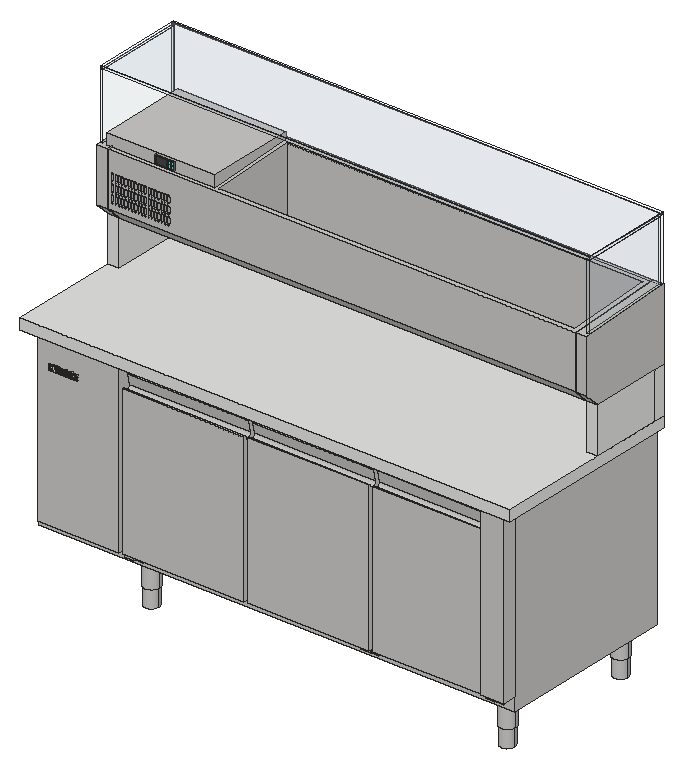
Revit family "QF_ELECTROLUXPROFESSIONAL_725190_RCSH3D", category Specialty Equipment, Revit 2023 (continued)
Definition of nested family "ELX_REF_PZ"
  Automatic sketch dimensions
    Split face 102 sketch curve to Extrusion 2 = 85.544 mm
    Split face 102 sketch curve to Split face 102 sketch curve = 42 mm
    Split face 102 sketch curve to Split face 102 sketch curve = 4 mm
    Split face 103 sketch curve to Extrusion 2 = 56.174 mm
    Split face 103 sketch curve to Extrusion 2 = 98.456 mm
    Split face 103 sketch curve to Split face 103 sketch curve = 42 mm
    Split face 103 sketch curve to Split face 103 sketch curve = 4 mm
    Split face 104 sketch curve to Extrusion 2 = 56.174 mm
    Split face 104 sketch curve to Extrusion 2 = 140.544 mm
    Split face 104 sketch curve to Split face 104 sketch curve = 42 mm
    Split face 104 sketch curve to Split face 104 sketch curve = 4 mm
    Split face 105 sketch curve to Extrusion 2 = 43.456 mm
    Split face 105 sketch curve to Split face 105 sketch curve = 42 mm
    Split face 105 sketch curve to Extrusion 2 = 36.174 mm
    Split face 105 sketch curve to Split face 105 sketch curve = 4 mm
    Split face 106 sketch curve to Extrusion 2 = 44.174 mm
    Split face 106 sketch curve to Extrusion 2 = 85.544 mm
    Split face 106 sketch curve to Split face 106 sketch curve = 42 mm
    Split face 106 sketch curve to Split face 106 sketch curve = 4 mm
    Split face 107 sketch curve to Extrusion 2 = 44.174 mm
    Split face 107 sketch curve to Extrusion 2 = 98.456 mm
    Split face 107 sketch curve to Split face 107 sketch curve = 42 mm
    Split face 107 sketch curve to Split face 107 sketch curve = 4 mm
    Split face 108 sketch curve to Extrusion 2 = 44.174 mm
    Split face 108 sketch curve to Extrusion 2 = 140.544 mm
    Split face 108 sketch curve to Split face 108 sketch curve = 42 mm
    Split face 108 sketch curve to Split face 108 sketch curve = 4 mm
    Split face 109 sketch curve to Extrusion 2 = 43.456 mm
    Split face 109 sketch curve to Split face 109 sketch curve = 42 mm
    Split face 109 sketch curve to Extrusion 2 = 24.174 mm
    Split face 109 sketch curve to Split face 109 sketch curve = 4 mm
    Split face 110 sketch curve to Extrusion 2 = 32.174 mm
    Split face 110 sketch curve to Extrusion 2 = 85.544 mm
    Split face 110 sketch curve to Split face 110 sketch curve = 42 mm
    Split face 110 sketch curve to Split face 110 sketch curve = 4 mm
    Split face 111 sketch curve to Extrusion 2 = 32.174 mm
    Split face 111 sketch curve to Extrusion 2 = 98.456 mm
    Split face 111 sketch curve to Split face 111 sketch curve = 42 mm
    Split face 111 sketch curve to Split face 111 sketch curve = 4 mm
    Split face 112 sketch curve to Extrusion 2 = 32.174 mm
    Split face 112 sketch curve to Extrusion 2 = 140.544 mm
    Split face 112 sketch curve to Split face 112 sketch curve = 42 mm
    Split face 112 sketch curve to Split face 112 sketch curve = 4 mm
    Split face 113 sketch curve to Extrusion 2 = 20.174 mm
    Split face 113 sketch curve to Extrusion 2 = 43.456 mm
    Split face 113 sketch curve to Extrusion 2 = 16.174 mm
    Split face 113 sketch curve to Split face 113 sketch curve = 42 mm
    Split face 114 sketch curve to Extrusion 2 = 20.174 mm
    Split face 114 sketch curve to Extrusion 2 = 85.544 mm
    Split face 114 sketch curve to Extrusion 2 = 16.174 mm
    Split face 114 sketch curve to Split face 114 sketch curve = 42 mm
    Split face 115 sketch curve to Extrusion 2 = 20.174 mm
    Split face 115 sketch curve to Extrusion 2 = 98.456 mm
    Split face 115 sketch curve to Extrusion 2 = 16.174 mm
    Split face 115 sketch curve to Split face 115 sketch curve = 42 mm
    Split face 116 sketch curve to Extrusion 2 = 20.174 mm
    Split face 116 sketch curve to Extrusion 2 = 140.544 mm
    Split face 116 sketch curve to Extrusion 2 = 16.174 mm
    Split face 116 sketch curve to Split face 116 sketch curve = 42 mm
    plane 4 to Extrusion 3 sketch curve = 41.175 mm
    Extrusion 3 sketch curve to Extrusion 3 sketch curve = 0.751 mm
    Extrusion 3 sketch curve to Extrusion 3 sketch curve = 0 mm  (x2)
    Extrusion 3 sketch curve to Extrusion 3 sketch curve = 3.578 mm  (x2)
    Extrusion 3 sketch curve to Extrusion 3 sketch curve = 3.275 mm
    Extrusion 3 sketch curve to Extrusion 3 sketch curve = 6.852 mm
    Extrusion 3 sketch curve to Extrusion 3 sketch curve = 0.043 mm
    Extrusion 3 sketch curve to Extrusion 3 sketch curve = 0.219 mm
    Extrusion 3 sketch curve to Extrusion 3 sketch curve = 9.372 mm
    Extrusion 3 sketch curve to Extrusion 3 sketch curve = 1.81 mm
    Extrusion 3 sketch curve to Extrusion 3 sketch curve = 1.007 mm
    Extrusion 3 sketch curve to Extrusion 3 sketch curve = 8.073 mm
    Extrusion 3 sketch curve to plane 6 = 95.822 mm
    Extrusion 3 sketch curve to Extrusion 3 sketch curve = 0.871 mm
    Extrusion 3 sketch curve to Extrusion 3 sketch curve = 0.95 mm
    Extrusion 3 sketch curve to Extrusion 3 sketch curve = 0.254 mm
    Extrusion 3 sketch curve to Extrusion 3 sketch curve = 1.688 mm
    Extrusion 3 sketch curve to Extrusion 3 sketch curve = 0.135 mm
    Extrusion 3 sketch curve to Extrusion 3 sketch curve = 0.034 mm
    Extrusion 3 sketch curve to Extrusion 3 sketch curve = 1.148 mm
    Extrusion 3 sketch curve to Extrusion 3 sketch curve = 1.433 mm
    Extrusion 3 sketch curve to Extrusion 3 sketch curve = 1.08 mm
    Extrusion 4 sketch curve to Extrusion 4 sketch curve = 0 mm  (x43)
    plane 4 to Extrusion 4 sketch curve = 68.112 mm
    Extrusion 4 sketch curve to Extrusion 4 sketch curve = 0.486 mm
    Extrusion 4 sketch curve to Extrusion 4 sketch curve = 0.902 mm  (x2)
    Extrusion 4 sketch curve to Extrusion 4 sketch curve = 0.712 mm  (x2)
    Extrusion 4 sketch curve to Extrusion 4 sketch curve = 0.746 mm
    Extrusion 4 sketch curve to Extrusion 4 sketch curve = 0.211 mm  (x2)
    Extrusion 4 sketch curve to Extrusion 4 sketch curve = 0.039 mm  (x3)
    Extrusion 4 sketch curve to Extrusion 4 sketch curve = 2.066 mm  (x2)
    Extrusion 4 sketch curve to Extrusion 4 sketch curve = 1.275 mm
    Extrusion 4 sketch curve to Extrusion 4 sketch curve = 0.34 mm  (x2)
    Extrusion 4 sketch curve to Extrusion 4 sketch curve = 0.484 mm
    Extrusion 4 sketch curve to Extrusion 4 sketch curve = 4.585 mm
    Extrusion 4 sketch curve to Extrusion 4 sketch curve = 3.433 mm
    Extrusion 4 sketch curve to Extrusion 4 sketch curve = 0.322 mm
    Extrusion 4 sketch curve to Extrusion 4 sketch curve = 3.755 mm
    Extrusion 4 sketch curve to Extrusion 4 sketch curve = 0.063 mm
    Extrusion 4 sketch curve to Extrusion 4 sketch curve = 0.088 mm
    Extrusion 4 sketch curve to Extrusion 4 sketch curve = 0.873 mm
    Extrusion 4 sketch curve to Extrusion 4 sketch curve = 0.095 mm  (x2)
    Extrusion 4 sketch curve to Extrusion 4 sketch curve = 1.469 mm
    Extrusion 4 sketch curve to Extrusion 4 sketch curve = 0.749 mm
    Extrusion 4 sketch curve to Extrusion 4 sketch curve = 1.612 mm
    Extrusion 4 sketch curve to Extrusion 4 sketch curve = 0.968 mm
    Extrusion 4 sketch curve to Extrusion 4 sketch curve = 2.067 mm
    Extrusion 4 sketch curve to Extrusion 4 sketch curve = 3.418 mm
    Extrusion 4 sketch curve to Extrusion 4 sketch curve = 0.052 mm  (x2)
    Extrusion 4 sketch curve to Extrusion 4 sketch curve = 5.299 mm
    Extrusion 4 sketch curve to Extrusion 4 sketch curve = 2.01 mm
    Extrusion 4 sketch curve to Extrusion 4 sketch curve = 0.074 mm
    Extrusion 4 sketch curve to Extrusion 4 sketch curve = 0.217 mm
    Extrusion 4 sketch curve to Extrusion 4 sketch curve = 0.033 mm  (x2)
    Extrusion 4 sketch curve to Extrusion 4 sketch curve = 0.145 mm
    Extrusion 4 sketch curve to Extrusion 4 sketch curve = 0.084 mm
    Extrusion 4 sketch curve to Extrusion 4 sketch curve = 0.151 mm
    Extrusion 4 sketch curve to Extrusion 4 sketch curve = 0.248 mm
    Extrusion 4 sketch curve to Extrusion 4 sketch curve = 1.98 mm
    Extrusion 4 sketch curve to Extrusion 4 sketch curve = 0.298 mm
    Extrusion 4 sketch curve to Extrusion 4 sketch curve = 5.699 mm
    Extrusion 4 sketch curve to Extrusion 4 sketch curve = 1.224 mm  (x2)
    Extrusion 4 sketch curve to Extrusion 4 sketch curve = 0.88 mm  (x2)
    Extrusion 4 sketch curve to Extrusion 4 sketch curve = 1.778 mm
    Extrusion 4 sketch curve to Extrusion 4 sketch curve = 1.562 mm
    Extrusion 4 sketch curve to Extrusion 4 sketch curve = 0.15 mm
    Extrusion 4 sketch curve to Extrusion 4 sketch curve = 3.5 mm
    Extrusion 4 sketch curve to Extrusion 4 sketch curve = 5.704 mm
    Extrusion 4 sketch curve to Extrusion 4 sketch curve = 0.036 mm
    Extrusion 4 sketch curve to Extrusion 4 sketch curve = 0.085 mm
    Extrusion 4 sketch curve to Extrusion 4 sketch curve = 0.14 mm
    Extrusion 4 sketch curve to Extrusion 4 sketch curve = 0.141 mm
    Extrusion 4 sketch curve to Extrusion 4 sketch curve = 0.853 mm  (x3)
    Extrusion 4 sketch curve to Extrusion 4 sketch curve = 0.182 mm
    Extrusion 4 sketch curve to Extrusion 4 sketch curve = 0.475 mm
    Extrusion 4 sketch curve to Extrusion 4 sketch curve = 0.08 mm
    Extrusion 4 sketch curve to Extrusion 4 sketch curve = 0.351 mm
    Extrusion 4 sketch curve to Extrusion 4 sketch curve = 0.833 mm
    Extrusion 4 sketch curve to Extrusion 4 sketch curve = 0.115 mm
    Extrusion 4 sketch curve to Extrusion 4 sketch curve = 0.155 mm
    Extrusion 4 sketch curve to Extrusion 4 sketch curve = 2.112 mm
    Extrusion 4 sketch curve to Extrusion 4 sketch curve = 2.087 mm
    Extrusion 4 sketch curve to Extrusion 4 sketch curve = 1.291 mm  (x2)
    Extrusion 4 sketch curve to Extrusion 4 sketch curve = 1.298 mm  (x2)
    Extrusion 4 sketch curve to Extrusion 4 sketch curve = 2.062 mm
    Extrusion 4 sketch curve to Extrusion 4 sketch curve = 1.27 mm
    Extrusion 4 sketch curve to Extrusion 4 sketch curve = 1.104 mm  (x2)
    Extrusion 4 sketch curve to Extrusion 4 sketch curve = 0.11 mm  (x2)
    Extrusion 4 sketch curve to Extrusion 4 sketch curve = 0.726 mm  (x2)
    Extrusion 4 sketch curve to Extrusion 4 sketch curve = 0.791 mm  (x2)
    Extrusion 4 sketch curve to Extrusion 4 sketch curve = 0.798 mm  (x2)
    Extrusion 4 sketch curve to Extrusion 4 sketch curve = 0.022 mm  (x2)
    Extrusion 4 sketch curve to Extrusion 4 sketch curve = 0.008 mm  (x2)
    Extrusion 4 sketch curve to Extrusion 4 sketch curve = 0.066 mm  (x2)
    Extrusion 4 sketch curve to Extrusion 4 sketch curve = 3.337 mm
    Extrusion 4 sketch curve to Extrusion 4 sketch curve = 0.073 mm  (x2)
    Extrusion 4 sketch curve to Extrusion 4 sketch curve = 0.077 mm  (x2)
    Extrusion 4 sketch curve to Extrusion 4 sketch curve = 0.108 mm  (x2)
    Extrusion 4 sketch curve to Extrusion 4 sketch curve = 0.006 mm  (x2)
    Extrusion 4 sketch curve to Extrusion 4 sketch curve = 0.037 mm  (x2)
    Extrusion 4 sketch curve to Extrusion 4 sketch curve = 0.1 mm  (x2)
    Extrusion 4 sketch curve to Extrusion 4 sketch curve = 0.032 mm  (x2)
    Extrusion 4 sketch curve to Extrusion 4 sketch curve = 0.715 mm  (x2)
    Extrusion 4 sketch curve to Extrusion 4 sketch curve = 0.474 mm  (x2)
    Extrusion 4 sketch curve to Extrusion 4 sketch curve = 1.427 mm
    Extrusion 4 sketch curve to Extrusion 4 sketch curve = 0.277 mm
    Extrusion 4 sketch curve to Extrusion 4 sketch curve = 0.075 mm
    Extrusion 4 sketch curve to Extrusion 4 sketch curve = 1.877 mm
    Extrusion 4 sketch curve to Extrusion 4 sketch curve = 0.489 mm
    Extrusion 4 sketch curve to Extrusion 4 sketch curve = 1.452 mm
    Extrusion 4 sketch curve to Extrusion 4 sketch curve = 5.113 mm
    Extrusion 4 sketch curve to Extrusion 4 sketch curve = 1.701 mm
    Extrusion 4 sketch curve to Extrusion 4 sketch curve = 2.435 mm
    Extrusion 4 sketch curve to Extrusion 4 sketch curve = 2.05 mm
    Extrusion 4 sketch curve to Extrusion 4 sketch curve = 2.451 mm
    Extrusion 4 sketch curve to Extrusion 4 sketch curve = 0.113 mm
    Extrusion 4 sketch curve to Extrusion 4 sketch curve = 0.156 mm
    Extrusion 4 sketch curve to Extrusion 4 sketch curve = 0.639 mm
    Extrusion 4 sketch curve to Extrusion 4 sketch curve = 4.839 mm
    Extrusion 4 sketch curve to Extrusion 4 sketch curve = 5.054 mm
    Extrusion 4 sketch curve to Extrusion 4 sketch curve = 5.749 mm
    Extrusion 4 sketch curve to Extrusion 4 sketch curve = 6.008 mm
    Extrusion 4 sketch curve to Extrusion 4 sketch curve = 2.068 mm
    Extrusion 4 sketch curve to Extrusion 4 sketch curve = 1.577 mm
    Extrusion 4 sketch curve to Extrusion 4 sketch curve = 1.581 mm
    Extrusion 4 sketch curve to Extrusion 4 sketch curve = 0.829 mm  (x2)
    Extrusion 4 sketch curve to Extrusion 4 sketch curve = 0.862 mm
    Extrusion 4 sketch curve to Extrusion 4 sketch curve = 2.085 mm
    Extrusion 4 sketch curve to Extrusion 4 sketch curve = 1.897 mm
    Extrusion 4 sketch curve to Extrusion 4 sketch curve = 1.59 mm  (x2)
    Extrusion 4 sketch curve to Extrusion 4 sketch curve = 0.24 mm  (x2)
    Extrusion 4 sketch curve to Extrusion 4 sketch curve = 0.129 mm
    Extrusion 4 sketch curve to Extrusion 4 sketch curve = 3.384 mm
    Extrusion 4 sketch curve to Extrusion 4 sketch curve = 0.916 mm
    Extrusion 4 sketch curve to Extrusion 4 sketch curve = 2.084 mm
    Extrusion 4 sketch curve to Extrusion 4 sketch curve = 0.404 mm  (x2)
    Extrusion 4 sketch curve to Extrusion 4 sketch curve = 0.303 mm
    Extrusion 4 sketch curve to Extrusion 4 sketch curve = 0.341 mm
    Extrusion 4 sketch curve to Extrusion 4 sketch curve = 0.953 mm
    Extrusion 4 sketch curve to Extrusion 4 sketch curve = 0.399 mm
    Extrusion 4 sketch curve to Extrusion 4 sketch curve = 1.249 mm
    Extrusion 4 sketch curve to Extrusion 4 sketch curve = 0.8 mm
    Extrusion 4 sketch curve to Extrusion 4 sketch curve = 0.81 mm
    Extrusion 4 sketch curve to Extrusion 4 sketch curve = 0.383 mm
    Extrusion 4 sketch curve to Extrusion 4 sketch curve = 2.222 mm
    Extrusion 4 sketch curve to Extrusion 4 sketch curve = 0.917 mm
    Extrusion 4 sketch curve to Extrusion 4 sketch curve = 2.236 mm
    Extrusion 4 sketch curve to Extrusion 4 sketch curve = 0.766 mm
    Extrusion 4 sketch curve to Extrusion 4 sketch curve = 1.106 mm
    Extrusion 4 sketch curve to Extrusion 4 sketch curve = 1.113 mm
    Extrusion 4 sketch curve to Extrusion 4 sketch curve = 1.185 mm
    Extrusion 4 sketch curve to Extrusion 4 sketch curve = 5.134 mm
    Extrusion 4 sketch curve to Extrusion 4 sketch curve = 1.901 mm
    Extrusion 4 sketch curve to Extrusion 4 sketch curve = 2.221 mm
    Extrusion 4 sketch curve to Extrusion 4 sketch curve = 1.595 mm
    Extrusion 4 sketch curve to Extrusion 4 sketch curve = 2.256 mm
    Extrusion 4 sketch curve to Extrusion 4 sketch curve = 2.208 mm
    Extrusion 4 sketch curve to plane 6 = 100.072 mm
    Extrusion 4 sketch curve to Extrusion 4 sketch curve = 3.027 mm  (x2)
    Extrusion 4 sketch curve to Extrusion 4 sketch curve = 5.095 mm
    Extrusion 4 sketch curve to Extrusion 4 sketch curve = 2.072 mm  (x2)
    Extrusion 4 sketch curve to Extrusion 4 sketch curve = 0.784 mm  (x3)
    Extrusion 4 sketch curve to Extrusion 4 sketch curve = 0.895 mm
    Extrusion 4 sketch curve to Extrusion 4 sketch curve = 2.972 mm  (x2)
    Extrusion 4 sketch curve to Extrusion 4 sketch curve = 0.172 mm  (x4)
    Extrusion 4 sketch curve to Extrusion 4 sketch curve = 0.259 mm  (x2)
    Extrusion 4 sketch curve to Extrusion 4 sketch curve = 0.012 mm  (x4)
    Extrusion 4 sketch curve to Extrusion 4 sketch curve = 0.543 mm
    Extrusion 4 sketch curve to Extrusion 4 sketch curve = 0.338 mm  (x2)
    Extrusion 4 sketch curve to Extrusion 4 sketch curve = 1.429 mm  (x2)
    Extrusion 4 sketch curve to Extrusion 4 sketch curve = 1.451 mm
    Extrusion 4 sketch curve to Extrusion 4 sketch curve = 1.461 mm
    Extrusion 4 sketch curve to Extrusion 4 sketch curve = 0.382 mm  (x2)
    Extrusion 4 sketch curve to Extrusion 4 sketch curve = 0.257 mm
    Extrusion 4 sketch curve to Extrusion 4 sketch curve = 0.094 mm  (x2)
    Extrusion 4 sketch curve to Extrusion 4 sketch curve = 0.06 mm  (x2)
    Extrusion 4 sketch curve to Extrusion 4 sketch curve = 0.851 mm
    Extrusion 4 sketch curve to Extrusion 4 sketch curve = 0.321 mm
    Extrusion 4 sketch curve to Extrusion 4 sketch curve = 2.075 mm
    Extrusion 4 sketch curve to Extrusion 4 sketch curve = 2.073 mm
    Extrusion 4 sketch curve to Extrusion 4 sketch curve = 0.466 mm  (x2)
    Extrusion 4 sketch curve to Extrusion 4 sketch curve = 0.815 mm  (x2)
    Extrusion 4 sketch curve to Extrusion 4 sketch curve = 0.93 mm
    Extrusion 4 sketch curve to Extrusion 4 sketch curve = 0.261 mm  (x2)
    Extrusion 4 sketch curve to Extrusion 4 sketch curve = 0.136 mm  (x2)
    Extrusion 4 sketch curve to Extrusion 4 sketch curve = 1.147 mm
    Extrusion 4 sketch curve to Extrusion 4 sketch curve = 0.911 mm
    Extrusion 4 sketch curve to Extrusion 4 sketch curve = 0.16 mm  (x2)
    Extrusion 4 sketch curve to Extrusion 4 sketch curve = 0.533 mm  (x2)
    Extrusion 4 sketch curve to Extrusion 4 sketch curve = 0.002 mm  (x2)
    Extrusion 4 sketch curve to Extrusion 4 sketch curve = 0.267 mm  (x2)
    Extrusion 4 sketch curve to Extrusion 4 sketch curve = 0.327 mm  (x2)
    Extrusion 4 sketch curve to Extrusion 4 sketch curve = 0.014 mm  (x2)
    Extrusion 4 sketch curve to Extrusion 4 sketch curve = 0.876 mm
    Extrusion 4 sketch curve to Extrusion 4 sketch curve = 0.817 mm
    Extrusion 4 sketch curve to Extrusion 4 sketch curve = 0.623 mm  (x2)
    Extrusion 4 sketch curve to Extrusion 4 sketch curve = 1.539 mm  (x2)
    Extrusion 4 sketch curve to Extrusion 4 sketch curve = 3.363 mm
    Extrusion 4 sketch curve to Extrusion 4 sketch curve = 0.894 mm
    Extrusion 4 sketch curve to Extrusion 4 sketch curve = 0.783 mm
    Extrusion 4 sketch curve to Extrusion 4 sketch curve = 1.49 mm
    Extrusion 4 sketch curve to Extrusion 4 sketch curve = 0.525 mm
    Extrusion 4 sketch curve to Extrusion 4 sketch curve = 0.838 mm
    Extrusion 4 sketch curve to Extrusion 4 sketch curve = 4.901 mm
    Extrusion 4 sketch curve to Extrusion 4 sketch curve = 4.972 mm
    Extrusion 4 sketch curve to Extrusion 4 sketch curve = 0.005 mm
    Extrusion 4 sketch curve to Extrusion 4 sketch curve = 4.975 mm  (x2)
    Extrusion 4 sketch curve to Extrusion 4 sketch curve = 1.317 mm
    Extrusion 4 sketch curve to Extrusion 4 sketch curve = 6.315 mm
    Extrusion 4 sketch curve to Extrusion 4 sketch curve = 1.936 mm
    Extrusion 4 sketch curve to Extrusion 4 sketch curve = 1.942 mm
    Extrusion 4 sketch curve to Extrusion 4 sketch curve = 3.057 mm
    Extrusion 4 sketch curve to Extrusion 4 sketch curve = 3.445 mm
    Extrusion 4 sketch curve to Extrusion 4 sketch curve = 0.044 mm
    Extrusion 4 sketch curve to Extrusion 4 sketch curve = 1.561 mm
    Extrusion 4 sketch curve to Extrusion 4 sketch curve = 3.53 mm
    Extrusion 4 sketch curve to Extrusion 4 sketch curve = 0.167 mm
    Extrusion 4 sketch curve to Extrusion 4 sketch curve = 1.153 mm
    Extrusion 4 sketch curve to Extrusion 4 sketch curve = 0.128 mm
    Extrusion 4 sketch curve to Extrusion 4 sketch curve = 2.488 mm
    Extrusion 4 sketch curve to Extrusion 4 sketch curve = 1.267 mm
    Extrusion 4 sketch curve to Extrusion 4 sketch curve = 0.114 mm
    Extrusion 4 sketch curve to Extrusion 4 sketch curve = 0.153 mm
    Extrusion 4 sketch curve to Extrusion 4 sketch curve = 4.063 mm
    Extrusion 4 sketch curve to Extrusion 4 sketch curve = 1.541 mm
    Extrusion 4 sketch curve to Extrusion 4 sketch curve = 0.165 mm
    Extrusion 4 sketch curve to Extrusion 4 sketch curve = 0.017 mm
    Extrusion 4 sketch curve to Extrusion 4 sketch curve = 0.275 mm
    Extrusion 4 sketch curve to Extrusion 4 sketch curve = 0.105 mm
    Extrusion 4 sketch curve to Extrusion 4 sketch curve = 0.054 mm
    Extrusion 4 sketch curve to Extrusion 4 sketch curve = 0.717 mm
    Extrusion 4 sketch curve to Extrusion 4 sketch curve = 0.013 mm
    Extrusion 4 sketch curve to Extrusion 4 sketch curve = 0.499 mm
    Extrusion 4 sketch curve to Extrusion 4 sketch curve = 1.549 mm
    Extrusion 4 sketch curve to Extrusion 4 sketch curve = 0.083 mm
    Extrusion 4 sketch curve to Extrusion 4 sketch curve = 1.597 mm
    Extrusion 4 sketch curve to Extrusion 4 sketch curve = 0.314 mm
    Extrusion 4 sketch curve to Extrusion 4 sketch curve = 0.007 mm
    Extrusion 4 sketch curve to Extrusion 4 sketch curve = 0.316 mm
    Extrusion 4 sketch curve to Extrusion 4 sketch curve = 1.717 mm
    Extrusion 4 sketch curve to Extrusion 4 sketch curve = 1.453 mm
    Extrusion 4 sketch curve to Extrusion 4 sketch curve = 1.278 mm
    Extrusion 4 sketch curve to Extrusion 4 sketch curve = 1.499 mm
    Extrusion 4 sketch curve to Extrusion 4 sketch curve = 1.664 mm
    Extrusion 4 sketch curve to Extrusion 4 sketch curve = 2.97 mm
    Extrusion 4 sketch curve to Extrusion 4 sketch curve = 0.961 mm
    Extrusion 4 sketch curve to Extrusion 4 sketch curve = 1.95 mm
    Extrusion 4 sketch curve to Extrusion 4 sketch curve = 1.234 mm
    Extrusion 4 sketch curve to Extrusion 4 sketch curve = 2.576 mm  (x2)
    Extrusion 4 sketch curve to Extrusion 4 sketch curve = 5.237 mm
    Extrusion 4 sketch curve to Extrusion 4 sketch curve = 1.878 mm
    Extrusion 4 sketch curve to Extrusion 4 sketch curve = 2.838 mm
    Extrusion 4 sketch curve to Extrusion 4 sketch curve = 3.322 mm
    Extrusion 4 sketch curve to Extrusion 4 sketch curve = 1.944 mm
    Extrusion 4 sketch curve to Extrusion 4 sketch curve = 3.321 mm
    Extrusion 4 sketch curve to Extrusion 4 sketch curve = 1.15 mm
    Extrusion 4 sketch curve to Extrusion 4 sketch curve = 2.06 mm
    Extrusion 4 sketch curve to Extrusion 4 sketch curve = 1.066 mm  (x2)
    Extrusion 4 sketch curve to Extrusion 4 sketch curve = 0.235 mm  (x2)
    Extrusion 4 sketch curve to Extrusion 4 sketch curve = 0.435 mm  (x2)
    Extrusion 4 sketch curve to Extrusion 4 sketch curve = 0.238 mm  (x2)
    Extrusion 4 sketch curve to Extrusion 4 sketch curve = 0.045 mm  (x2)
    Extrusion 4 sketch curve to Extrusion 4 sketch curve = 0.289 mm  (x2)
    Extrusion 4 sketch curve to Extrusion 4 sketch curve = 0.024 mm  (x2)
    Extrusion 4 sketch curve to Extrusion 4 sketch curve = 0.841 mm  (x2)
    Extrusion 4 sketch curve to Extrusion 4 sketch curve = 4.599 mm
    Extrusion 4 sketch curve to Extrusion 4 sketch curve = 1.812 mm
    Split face 117 sketch curve to Extrusion 2 = 0 mm  (x2)
    Split face 117 sketch curve to Extrusion 2 = 110 mm
    Split face 118 sketch curve to Extrusion 2 = 0 mm  (x2)
    Split face 118 sketch curve to Split face 118 sketch curve = 19.431 mm
    Split face 118 sketch curve to Split face 118 sketch curve = 13 mm  (x2)
    Split face 118 sketch curve to Split face 118 sketch curve = 80 mm
    Split face 118 sketch curve to Extrusion 2 = 65 mm
    Split face 118 sketch curve to Split face 118 sketch curve = 5 mm  (x2)
    Split face 119 sketch curve to Extrusion 2 = 0 mm  (x2)
    Split face 119 sketch curve to Extrusion 2 = 55 mm
    Split face 120 sketch curve to Extrusion 2 = 95.864 mm
    Split face 120 sketch curve to Extrusion 2 = 115.88 mm
    Split face 120 sketch curve to Extrusion 2 = 45.88 mm
    Split face 120 sketch curve to Split face 120 sketch curve = 29.518 mm
    Split face 121 sketch curve to Extrusion 2 = 92.864 mm
    Split face 121 sketch curve to Extrusion 2 = 112.88 mm
    Split face 121 sketch curve to Split face 121 sketch curve = 41.575 mm
    Split face 121 sketch curve to Split face 121 sketch curve = 23.518 mm
    Split face 122 sketch curve to Extrusion 2 = 67.88 mm
    Split face 122 sketch curve to Split face 122 sketch curve = 8 mm
    Split face 122 sketch curve to Split face 122 sketch curve = 11 mm
    Split face 122 sketch curve to Extrusion 2 = 80.346 mm
    Split face 123 sketch curve to Extrusion 2 = 56.868 mm
    Split face 123 sketch curve to Split face 123 sketch curve = 8 mm
    Split face 123 sketch curve to Extrusion 2 = 80.346 mm
    Split face 123 sketch curve to Split face 123 sketch curve = 11 mm
    Split face 124 sketch curve to Extrusion 2 = 67.88 mm
    Split face 124 sketch curve to Split face 124 sketch curve = 8 mm
    Split face 124 sketch curve to Extrusion 2 = 92.864 mm
    Split face 124 sketch curve to Split face 124 sketch curve = 11 mm
    Split face 125 sketch curve to Extrusion 2 = 56.868 mm
    Split face 125 sketch curve to Split face 125 sketch curve = 8 mm
    Split face 125 sketch curve to Extrusion 2 = 92.864 mm
    Split face 125 sketch curve to Split face 125 sketch curve = 11 mm
    radius of Extrusion 4 sketch curve = 2.156 mm
    radius of Extrusion 4 sketch curve = 1.368 mm
    radius of Extrusion 4 sketch curve = 1.29 mm
    radius of Extrusion 4 sketch curve = 2.154 mm
Definition of nested family "SD_L_PZ"
  Parameters
    Show Clearance [instance] = yes
    Default Elevation = 1219.2 mm
  Reference planes
    plane 1 "Center (Front/Back)": y = 28.12
    plane 2: z = 0
    plane 3 "Center (Left/Right)": x = 0
    plane 4: x = -234
    plane 5: x = 234
  Forms (mm)
    Extrusion 1, solid
      sketch origin (0, 0, 0) x (1, 0, 0) y (0, 1, 0)
        loop
          line (-1219.2, 1219.2) -> (-1219.2, -1219.2) -> (1219.2, -1219.2) -> (1219.2, 1219.2) -> (-1219.2, 1219.2)
      from 0 to -304.8
    Extrusion 2, solid
      sketch origin (0, 53.12, -3) x (0, 1, 0) y (0, 0, 1)
        loop
          line (-314, 53) -> (-314, 3) -> (264, 3) -> (264, 29) -> (224.395, 20)
          arc (224.395, 20) -> (210.396, 33.803) -> (224, 47.994) r 14
          line (224, 47.994) -> (224, 53) -> (-314, 53)
      from -220 to 220
    Extrusion 3, solid
      sketch origin (0, 53.12, 0) x (0, 1, 0) y (0, 0, -1)
        loop
          line (-323.003, -40.312) -> (-323.003, -12.259) -> (-323.003, 0) -> (-351.511, 0) -> (-351.511, -2.5) -> (-325.503, -2.5) -> (-325.503, -42.812) -> (-316.501, -42.812) -> (-316.501, -40.312) -> (-323.003, -40.312)
        loop
          line (-314, -38.311) -> (-314, -11.804) -> (-319.752, -11.804) -> (-319.752, -14.304) -> (-316.501, -14.304) -> (-316.501, -38.311) -> (-314, -38.311)
        loop
          line (265.003, -27.948) -> (267.503, -27.948) -> (267.503, -2.5) -> (277.503, -2.5) -> (277.503, 0) -> (265.003, 0) -> (265.003, -2.948) -> (265.003, -27.948)
      from 185 to 220
    Extrusion 4, solid, visible <- "Show Clearance", detail levels coarse
      sketch origin (0, 28.12, -3) x (-1, 0, 0) y (0, 0, -1)
        loop
          line (220, -53) -> (-220, -53)
          arc (-220, -53) -> (-79.636, -340.04) -> (220, -451) r 430
          line (220, -451) -> (220, -53)
      from -289 to 289
  Lines and regions (mm)
    symbolic lines
      curve 1: arc (219.599, 0, 55) -> (95.934, 0, 321.503) -> (-170, 0, 446.39) r 430
      curve 2: line (-220, 0, 55) -> (-220, 0, 448)
      curve 3: line (-170, 0, 55) -> (-170, 0, 448)
      curve 4: line (-220, 0, 448) -> (-170, 0, 448)
  Dimensions and locks
    plane 4 to plane 3 "Center (Left/Right)" to plane 5 = 234 mm locked, 234 mm locked
    aligned and locked: plane 2 to Extrusion 1
    aligned and locked: level to Extrusion 1
Definition of nested family "SD_R_PZ"
  Parameters
    Show Clearance [instance] = yes
    Default Elevation = 1219.2 mm
  Reference planes
    plane 1 "Center (Front/Back)": y = 28.12
    plane 2: z = 0
    plane 3 "Center (Left/Right)": x = 0
    plane 4: x = -234
    plane 5: x = 234
  Forms (mm)
    Extrusion 1, solid
      sketch origin (0, 0, 0) x (1, 0, 0) y (0, 1, 0)
        loop
          line (-1219.2, 1219.2) -> (-1219.2, -1219.2) -> (1219.2, -1219.2) -> (1219.2, 1219.2) -> (-1219.2, 1219.2)
      from 0 to -304.8
    Extrusion 2, solid
      sketch origin (0, 53.12, -3) x (0, 1, 0) y (0, 0, 1)
        loop
          line (-314, 53) -> (-314, 3) -> (264, 3) -> (264, 29) -> (224.395, 20)
          arc (224.395, 20) -> (210.396, 33.803) -> (224, 47.994) r 14
          line (224, 47.994) -> (224, 53) -> (-314, 53)
      from -220 to 220
    Extrusion 3, solid, visible <- "Show Clearance", detail levels coarse
      sketch origin (0, 28.12, -3) x (-1, 0, 0) y (0, 0, -1)
        loop
          line (220, -53) -> (-220, -53) -> (-220, -451)
          arc (-220, -451) -> (79.636, -340.04) -> (220, -53) r 430
      from -289 to 289
    Extrusion 4, solid
      sketch origin (0, 53.12, 0) x (0, 1, 0) y (0, 0, 1)
        loop
          line (-323.003, 40.312) -> (-316.501, 40.312) -> (-316.501, 42.812) -> (-325.503, 42.812) -> (-325.503, 2.5) -> (-351.511, 2.5) -> (-351.511, 0) -> (-323.003, 0) -> (-323.003, 12.259) -> (-323.003, 40.312)
        loop
          line (-314, 38.311) -> (-316.501, 38.311) -> (-316.501, 14.304) -> (-319.752, 14.304) -> (-319.752, 11.804) -> (-314, 11.804) -> (-314, 38.311)
        loop
          line (265.003, 27.948) -> (265.003, 2.948) -> (265.003, 0) -> (277.503, 0) -> (277.503, 2.5) -> (267.503, 2.5) -> (267.503, 27.948) -> (265.003, 27.948)
      from 185 to 220
  Lines and regions (mm)
    symbolic lines
      curve 1: arc (-219.599, 0, 54.79) -> (-95.934, 0, 321.293) -> (170, 0, 446.179) r 430
      curve 2: line (220, 0, 54.79) -> (220, 0, 447.79)
      curve 3: line (170, 0, 54.79) -> (170, 0, 447.79)
      curve 4: line (220, 0, 447.79) -> (170, 0, 447.79)
  Dimensions and locks
    plane 4 to plane 3 "Center (Left/Right)" to plane 5 = 234 mm locked, 234 mm locked
    aligned and locked: plane 2 to Extrusion 1
    aligned and locked: level to Extrusion 1
Definition of nested family "PZ_DISPLAY"
  Parameters
    Show Logo [instance] = yes
    Default Elevation = 1219.2 mm
  Reference planes
    plane 1 "Centro (Fronte/Retro)": y = 0
    plane 2: z = 0
    plane 3 "Centro (Sinistra/Destra)": x = 0
  Forms (mm)
    Extrusion 1, solid
      sketch origin (0, 0, 0) x (1, 0, 0) y (0, 1, 0)
        loop
          line (-1219.2, 1219.2) -> (-1219.2, -1219.2) -> (1219.2, -1219.2) -> (1219.2, 1219.2) -> (-1219.2, 1219.2)
      from 0 to -304.8
    Extrusion 2, solid
      sketch origin (0, -270.882, 0) x (1, 0, 0) y (0, 1, 0)
        loop
          line (-38.5, 305.882) -> (-38.5, 276.364) -> (31.5, 276.364) -> (31.5, 305.882) -> (-38.5, 305.882)
        loop
          line (9.5, 302.882) -> (9.5, 291.882) -> (17.5, 291.882) -> (17.5, 302.882) -> (9.5, 302.882)
        loop
          line (20.512, 302.882) -> (20.512, 291.882) -> (28.512, 291.882) -> (28.512, 302.882) -> (20.512, 302.882)
        loop
          line (20.512, 290.364) -> (20.512, 279.364) -> (28.512, 279.364) -> (28.512, 290.364) -> (20.512, 290.364)
        loop
          line (9.5, 290.364) -> (9.5, 279.364) -> (17.5, 279.364) -> (17.5, 290.364) -> (9.5, 290.364)
        loop
          line (-35.5, 302.882) -> (-35.5, 279.364) -> (6.075, 279.364) -> (6.075, 302.882) -> (-35.5, 302.882)
      from 0 to 4
    Extrusion 3, solid
      sketch origin (0, -270.882, 0) x (1, 0, 0) y (0, 1, 0)
        loop
          line (-35.5, 302.882) -> (-35.5, 279.364) -> (6.075, 279.364) -> (6.075, 302.882) -> (-35.5, 302.882)
      from 0 to 5
    Extrusion 4, solid
      sketch origin (0, -270.882, 0) x (1, 0, 0) y (0, 1, 0)
        loop
          line (9.5, 302.882) -> (9.5, 291.882) -> (17.5, 291.882) -> (17.5, 302.882) -> (9.5, 302.882)
        loop
          line (28.512, 291.882) -> (28.512, 302.882) -> (20.512, 302.882) -> (20.512, 291.882) -> (28.512, 291.882)
        loop
          line (9.5, 279.364) -> (17.5, 279.364) -> (17.5, 290.364) -> (9.5, 290.364) -> (9.5, 279.364)
        loop
          line (28.512, 279.364) -> (28.512, 290.364) -> (20.512, 290.364) -> (20.512, 279.364) -> (28.512, 279.364)
      from 0 to 4
  Dimensions and locks
    aligned and locked: plane 2 to Extrusion 1
    aligned and locked: level to Extrusion 1
Definition of nested family "HP_Refrigerator"
  Reference planes
    plane 1 "Center (Front/Back)": y = 0
    plane 2: z = 0
    plane 3 "Center (Left/Right)": x = 0
  Lines and regions (mm)
    detail lines, in view "Ref. Level"
      curve 1: spline (-500, 190, 0) -> (-493.185, 166.706, 0) -> (-473.205, 145, 0) -> (-441.421, 126.36, 0) -> (-400, 112.058, 0) -> (-351.764, 103.067, 0) -> (-300, 100, 0) -> (-248.236, 103.067, 0) -> (-200, 112.058, 0) -> (-158.579, 126.36, 0) -> (-126.795, 145, 0) -> (-106.815, 166.706, 0) -> (-100, 190, 0) -> (-106.815, 213.294, 0) -> (-126.795, 235, 0) -> (-158.579, 253.64, 0) -> (-200, 267.942, 0) -> (-248.236, 276.933, 0) -> (-300, 280, 0) -> (-351.764, 276.933, 0) -> (-400, 267.942, 0) -> (-441.421, 253.64, 0) -> (-473.205, 235, 0) -> (-493.185, 213.294, 0) -> (-500, 190, 0)
      curve 2: line (-300, 130, 0) -> (-300, 250, 0)
      curve 3: line (-351.962, 220, 0) -> (-248.038, 160, 0)
      curve 4: line (-351.962, 160, 0) -> (-248.038, 220, 0)
      curve 5: line (-280.884, 246.873, 0) -> (-300, 225, 0)
      curve 6: line (-300, 225, 0) -> (-319.116, 246.873, 0)
      curve 7: line (-330.311, 207.5, 0) -> (-339.696, 234.992, 0)
      curve 8: line (-358.812, 201.882, 0) -> (-330.311, 207.5, 0)
      curve 9: line (-330.311, 172.5, 0) -> (-358.812, 178.118, 0)
      curve 10: line (-339.696, 145.008, 0) -> (-330.311, 172.5, 0)
      curve 11: line (-300, 155, 0) -> (-319.116, 133.127, 0)
      curve 12: line (-280.884, 133.127, 0) -> (-300, 155, 0)
      curve 13: line (-269.689, 172.5, 0) -> (-260.304, 145.008, 0)
      curve 14: line (-241.188, 178.118, 0) -> (-269.689, 172.5, 0)
      curve 15: line (-269.689, 207.5, 0) -> (-241.188, 201.882, 0)
      curve 16: line (-260.304, 234.992, 0) -> (-269.689, 207.5, 0)
